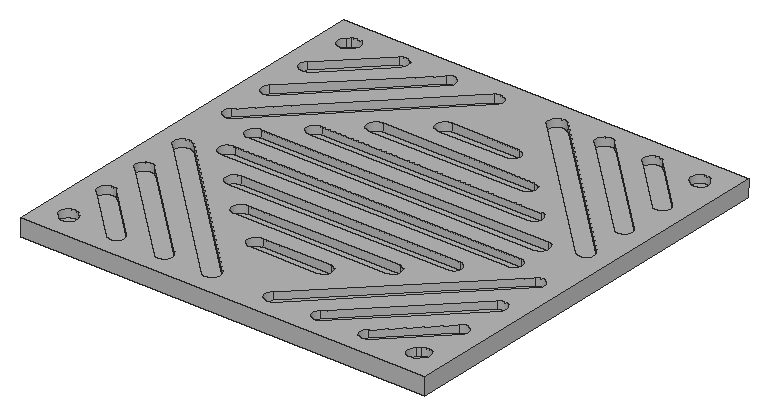
Revit family "dBA - 1 inch - Ceiling and Wall Panels 24x24", category Specialty Equipment, Revit 2023
Family settings
  Round Connector Dimension = Use Diameter
  Part Type = Normal
  OmniClass Number = 23.35.00.00
  OmniClass Title = Covering, Cladding, and Finishes
  Work Plane-Based = Yes
  Enable Cutting in Views = Yes
  Always vertical = No
  Cut with Voids When Loaded = No
  Maintain Annotation Orientation = No
  Shared = No
  Room Calculation Point = No
Parameters (values of type "Charcoal")
  URL = "https://www.acousticalsurfaces.com/sound-silencer/dba-ceiling-wall-panel/"
  Type Comments = "dBA Ceiling and Wall Panels"
  Recycled Content Percentage = "0%"
  Model = "Sound Silencer - dBA Ceiling and Wall Panels"
  Material = "Sound Silencer dBA"
  Manufacturer = "Acoustical Surfaces, Inc."
  Fire Rating = "ASTM E84 - Class A"
  Finish = Paint - Acoustical-Surfaces - dBA - Charcoal
  Description = "dBA Ceiling and Wall Panels"
  Default Elevation = 4' - 0"
  Assembly Code = "C30"
  Acoustics - NRC = "Sound absorption varies from NRC 0.45 to 0.95 based on installation method used when tested per ASTM C423."
Types (2): name | Finish
  Charcoal | Paint - Acoustical-Surfaces - dBA - Charcoal
  White | Paint - Acoustical-Surfaces - dBA - White
Reference planes (in)
  plane 1 "Center (Front/Back)": y = 0
  plane 2: z = 0
  plane 3 "Center (Left/Right)": x = 0
  plane 4: x = -12
  plane 5: x = 12
  plane 6: y = 12
  plane 7: y = -12
  plane 8: z = 1
Forms (in)
  Extrusion 1, solid, material "Paint - Acoustical-Surfaces - dBA - Charcoal" <- "Finish"
    sketch origin (0, 0, 0) x (1, 0, 0) y (0, 1, 0)
      loop
        line (12, 12) -> (-12, 12) -> (-12, -12) -> (12, -12) -> (12, 12)
    from 0 to 0.5625
  Extrusion 2, solid, material "Paint - Acoustical-Surfaces - dBA - Charcoal" <- "Finish"
    sketch origin (0, 0, 0.5625) x (1, 0, 0) y (0, 1, 0)
      loop
        line (12, 12) -> (-12, 12) -> (-12, -12) -> (12, -12) -> (12, 12)
      loop
        arc (-10.14645, -9.96967) -> (-10.85355, -9.96967) -> (-10.85355, -10.67678) r 0.5
        line (-10.85355, -10.67678) -> (-10.67678, -10.85355)
        arc (-10.67678, -10.85355) -> (-9.96967, -10.85355) -> (-9.96967, -10.14645) r 0.5
        line (-9.96967, -10.14645) -> (-10.14645, -9.96967)
      loop
        arc (-7.84835, -10.85355) -> (-7.14124, -10.85355) -> (-7.14124, -10.14645) r 0.5
        line (-7.14124, -10.14645) -> (-10.14645, -7.14124)
        arc (-10.14645, -7.14124) -> (-10.85355, -7.14124) -> (-10.85355, -7.84835) r 0.5
        line (-10.85355, -7.84835) -> (-7.84835, -10.85355)
      loop
        arc (-5.01992, -10.85355) -> (-4.31282, -10.85355) -> (-4.31282, -10.14645) r 0.5
        line (-4.31282, -10.14645) -> (-10.14645, -4.31282)
        arc (-10.14645, -4.31282) -> (-10.85355, -4.31282) -> (-10.85355, -5.01992) r 0.5
        line (-10.85355, -5.01992) -> (-5.01992, -10.85355)
      loop
        arc (-2.1915, -10.85355) -> (-1.48439, -10.85355) -> (-1.48439, -10.14645) r 0.5
        line (-1.48439, -10.14645) -> (-10.14645, -1.48439)
        arc (-10.14645, -1.48439) -> (-10.85355, -1.48439) -> (-10.85355, -2.1915) r 0.5
        line (-10.85355, -2.1915) -> (-2.1915, -10.85355)
      loop
        arc (2, -7.5) -> (2.5, -7) -> (2, -6.5) r 0.5
        line (2, -6.5) -> (-2, -6.5)
        arc (-2, -6.5) -> (-2.5, -7) -> (-2, -7.5) r 0.5
        line (-2, -7.5) -> (2, -7.5)
      loop
        arc (4.5, -5.5) -> (5, -5) -> (4.5, -4.5) r 0.5
        line (4.5, -4.5) -> (-4.5, -4.5)
        arc (-4.5, -4.5) -> (-5, -5) -> (-4.5, -5.5) r 0.5
        line (-4.5, -5.5) -> (4.5, -5.5)
      loop
        arc (6.5, -3.5) -> (7, -3) -> (6.5, -2.5) r 0.5
        line (6.5, -2.5) -> (-6.5, -2.5)
        arc (-6.5, -2.5) -> (-7, -3) -> (-6.5, -3.5) r 0.5
        line (-6.5, -3.5) -> (6.5, -3.5)
      loop
        arc (8.5, -1.5) -> (9, -1) -> (8.5, -0.5) r 0.5
        line (8.5, -0.5) -> (-8.5, -0.5)
        arc (-8.5, -0.5) -> (-9, -1) -> (-8.5, -1.5) r 0.5
        line (-8.5, -1.5) -> (8.5, -1.5)
      loop
        arc (8.5, 0.5) -> (9, 1) -> (8.5, 1.5) r 0.5
        line (8.5, 1.5) -> (-8.5, 1.5)
        arc (-8.5, 1.5) -> (-9, 1) -> (-8.5, 0.5) r 0.5
        line (-8.5, 0.5) -> (8.5, 0.5)
      loop
        arc (6.5, 2.5) -> (7, 3) -> (6.5, 3.5) r 0.5
        line (6.5, 3.5) -> (-6.5, 3.5)
        arc (-6.5, 3.5) -> (-7, 3) -> (-6.5, 2.5) r 0.5
        line (-6.5, 2.5) -> (6.5, 2.5)
      loop
        arc (4.5, 4.5) -> (5, 5) -> (4.5, 5.5) r 0.5
        line (4.5, 5.5) -> (-4.5, 5.5)
        arc (-4.5, 5.5) -> (-5, 5) -> (-4.5, 4.5) r 0.5
        line (-4.5, 4.5) -> (4.5, 4.5)
      loop
        line (-2, 6.5) -> (2, 6.5)
        arc (2, 6.5) -> (2.5, 7) -> (2, 7.5) r 0.5
        line (2, 7.5) -> (-2, 7.5)
        arc (-2, 7.5) -> (-2.5, 7) -> (-2, 6.5) r 0.5
      loop
        arc (-1.48439, 10.14645) -> (-1.48439, 10.85355) -> (-2.1915, 10.85355) r 0.5
        line (-2.1915, 10.85355) -> (-10.85355, 2.1915)
        arc (-10.85355, 2.1915) -> (-10.85355, 1.48439) -> (-10.14645, 1.48439) r 0.5
        line (-10.14645, 1.48439) -> (-1.48439, 10.14645)
      loop
        arc (-4.31282, 10.14645) -> (-4.31282, 10.85355) -> (-5.01992, 10.85355) r 0.5
        line (-5.01992, 10.85355) -> (-10.85355, 5.01992)
        arc (-10.85355, 5.01992) -> (-10.85355, 4.31282) -> (-10.14645, 4.31282) r 0.5
        line (-10.14645, 4.31282) -> (-4.31282, 10.14645)
      loop
        arc (-7.14124, 10.14645) -> (-7.14124, 10.85355) -> (-7.84835, 10.85355) r 0.5
        line (-7.84835, 10.85355) -> (-10.85355, 7.84835)
        arc (-10.85355, 7.84835) -> (-10.85355, 7.14124) -> (-10.14645, 7.14124) r 0.5
        line (-10.14645, 7.14124) -> (-7.14124, 10.14645)
      loop
        line (-10.14645, 9.96967) -> (-9.96967, 10.14645)
        arc (-9.96967, 10.14645) -> (-9.96967, 10.85355) -> (-10.67678, 10.85355) r 0.5
        line (-10.67678, 10.85355) -> (-10.85355, 10.67678)
        arc (-10.85355, 10.67678) -> (-10.85355, 9.96967) -> (-10.14645, 9.96967) r 0.5
      loop
        arc (10.14645, 1.48439) -> (10.85355, 1.48439) -> (10.85355, 2.1915) r 0.5
        line (10.85355, 2.1915) -> (2.1915, 10.85355)
        arc (2.1915, 10.85355) -> (1.48439, 10.85355) -> (1.48439, 10.14645) r 0.5
        line (1.48439, 10.14645) -> (10.14645, 1.48439)
      loop
        arc (10.14645, 4.31282) -> (10.85355, 4.31282) -> (10.85355, 5.01992) r 0.5
        line (10.85355, 5.01992) -> (5.01992, 10.85355)
        arc (5.01992, 10.85355) -> (4.31282, 10.85355) -> (4.31282, 10.14645) r 0.5
        line (4.31282, 10.14645) -> (10.14645, 4.31282)
      loop
        arc (10.14645, 7.14124) -> (10.85355, 7.14124) -> (10.85355, 7.84835) r 0.5
        line (10.85355, 7.84835) -> (7.84835, 10.85355)
        arc (7.84835, 10.85355) -> (7.14124, 10.85355) -> (7.14124, 10.14645) r 0.5
        line (7.14124, 10.14645) -> (10.14645, 7.14124)
      loop
        arc (10.14645, 9.96967) -> (10.85355, 9.96967) -> (10.85355, 10.67678) r 0.5
        line (10.85355, 10.67678) -> (10.67678, 10.85355)
        arc (10.67678, 10.85355) -> (9.96967, 10.85355) -> (9.96967, 10.14645) r 0.5
        line (9.96967, 10.14645) -> (10.14645, 9.96967)
      loop
        arc (1.48439, -10.14645) -> (1.48439, -10.85355) -> (2.1915, -10.85355) r 0.5
        line (2.1915, -10.85355) -> (10.85355, -2.1915)
        arc (10.85355, -2.1915) -> (10.85355, -1.48439) -> (10.14645, -1.48439) r 0.5
        line (10.14645, -1.48439) -> (1.48439, -10.14645)
      loop
        arc (4.31282, -10.14645) -> (4.31282, -10.85355) -> (5.01992, -10.85355) r 0.5
        line (5.01992, -10.85355) -> (10.85355, -5.01992)
        arc (10.85355, -5.01992) -> (10.85355, -4.31282) -> (10.14645, -4.31282) r 0.5
        line (10.14645, -4.31282) -> (4.31282, -10.14645)
      loop
        arc (7.14124, -10.14645) -> (7.14124, -10.85355) -> (7.84835, -10.85355) r 0.5
        line (7.84835, -10.85355) -> (10.85355, -7.84835)
        arc (10.85355, -7.84835) -> (10.85355, -7.14124) -> (10.14645, -7.14124) r 0.5
        line (10.14645, -7.14124) -> (7.14124, -10.14645)
      loop
        arc (9.96967, -10.14645) -> (9.96967, -10.85355) -> (10.67678, -10.85355) r 0.5
        line (10.67678, -10.85355) -> (10.85355, -10.67678)
        arc (10.85355, -10.67678) -> (10.85355, -9.96967) -> (10.14645, -9.96967) r 0.5
        line (10.14645, -9.96967) -> (9.96967, -10.14645)
    from 0 to 0.4375
Cuts and joins
  joined: Extrusion 1, Extrusion 2
Dimensions and locks (in)
  aligned and locked: level to plane 2
